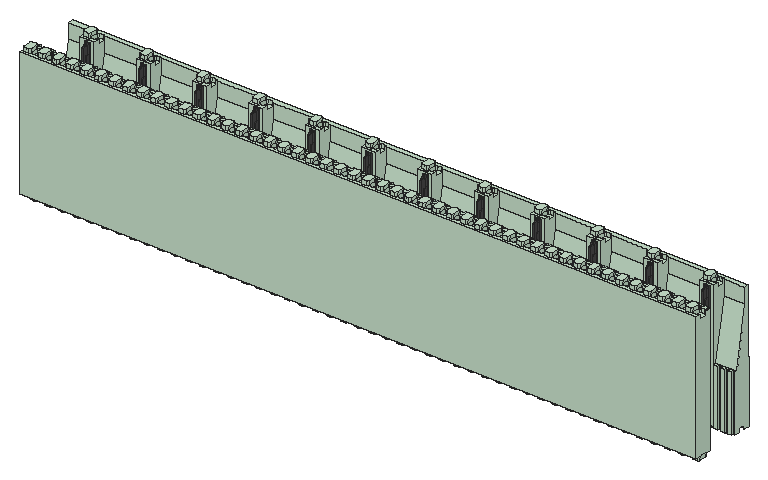
Revit family "ICF- NUDURA 4-inch Single Sided Taper Top Form Unit- Imperial", category Generic Models, Revit 2011
Parameters (values of type "Standard 6" Form Unit")
  Core Thickness = 0' - 6"
Reference planes (in)
  plane 1 "Center (Front/Back)": y = 1
  plane 2: z = 0
  plane 3 "Center (Left/Right)": x = 0
  plane 4: x = 96
  plane 5: y = 3
  plane 6: y = -1
  plane 7: y = 5.625
  plane 8: y = -3.625
  plane 9: z = 18
  plane 10: z = 18.5
  plane 11: z = -0.5
Forms (in)
  Extrusion 1, solid, material "NUDURA Expanded Polystyrene Foam Insulation"
    sketch origin (0, 2, 0) x (1, 0, 0) y (0, 1, 0)
      loop
        line (0.28117, -3.25) -> (0, -3.25) -> (0, -5.625) -> (96, -5.625) -> (96, -3.25) -> (95.71883, -3.25) -> (95.78117, -3) -> (95.21883, -3) -> (95.28117, -3.25) -> (94.71883, -3.25) -> (94.78117, -3) -> (94.21883, -3) -> (94.28117, -3.25) -> (93.71883, -3.25) -> (93.78117, -3) -> (93.21883, -3) -> (93.28117, -3.25) -> (90.71883, -3.25) -> (90.78117, -3) -> (90.21883, -3) -> (90.28117, -3.25) -> (89.71883, -3.25) -> (89.78117, -3) -> (89.21883, -3) -> (89.28117, -3.25) -> (88.71883, -3.25) -> (88.78117, -3) -> (88.21883, -3) -> (88.28117, -3.25) -> (87.71883, -3.25) -> (87.78117, -3) -> (87.21883, -3) -> (87.28117, -3.25) -> (86.71883, -3.25) -> (86.78117, -3) -> (86.21883, -3) -> (86.28117, -3.25) -> (85.71883, -3.25) -> (85.78117, -3) -> (85.21883, -3) -> (85.28117, -3.25) -> (82.71883, -3.25) -> (82.78117, -3) -> (82.21883, -3) -> (82.28117, -3.25) -> (81.71883, -3.25) -> (81.78117, -3) -> (81.21883, -3) -> (81.28117, -3.25) -> (80.71883, -3.25) -> (80.78117, -3) -> (80.21883, -3) -> (80.28117, -3.25) -> (79.71883, -3.25) -> (79.78117, -3) -> (79.21883, -3) -> (79.28117, -3.25) -> (78.71883, -3.25) -> (78.78117, -3) -> (78.21883, -3) -> (78.28117, -3.25) -> (77.71883, -3.25) -> (77.78117, -3) -> (77.21883, -3) -> (77.28117, -3.25) -> (74.71883, -3.25) -> (74.78117, -3) -> (74.21883, -3) -> (74.28117, -3.25) -> (73.71883, -3.25) -> (73.78117, -3) -> (73.21883, -3) -> (73.28117, -3.25) -> (72.71883, -3.25) -> (72.78117, -3) -> (72.21883, -3) -> (72.28117, -3.25) -> (71.71883, -3.25) -> (71.78117, -3) -> (71.21883, -3) -> (71.28117, -3.25) -> (70.71883, -3.25) -> (70.78117, -3) -> (70.21883, -3) -> (70.28117, -3.25) -> (69.71883, -3.25) -> (69.78117, -3) -> (69.21883, -3) -> (69.28117, -3.25) -> (66.71883, -3.25) -> (66.78117, -3) -> (66.21883, -3) -> (66.28117, -3.25) -> (65.71883, -3.25) -> (65.78117, -3) -> (65.21883, -3) -> (65.28117, -3.25) -> (64.71883, -3.25) -> (64.78117, -3) -> (64.21883, -3) -> (64.28117, -3.25) -> (63.71883, -3.25) -> (63.78117, -3) -> (63.21883, -3) -> (63.28117, -3.25) -> (62.71883, -3.25) -> (62.78117, -3) -> (62.21883, -3) -> (62.28117, -3.25) -> (61.71883, -3.25) -> (61.78117, -3) -> (61.21883, -3) -> (61.28117, -3.25) -> (58.71883, -3.25) -> (58.78117, -3) -> (58.21883, -3) -> (58.28117, -3.25) -> (57.71883, -3.25) -> (57.78117, -3) -> (57.21883, -3) -> (57.28117, -3.25) -> (56.71883, -3.25) -> (56.78117, -3) -> (56.21883, -3) -> (56.28117, -3.25) -> (55.71883, -3.25) -> (55.78117, -3) -> (55.21883, -3) -> (55.28117, -3.25) -> (54.71883, -3.25) -> (54.78117, -3) -> (54.21883, -3) -> (54.28117, -3.25) -> (53.71883, -3.25) -> (53.78117, -3) -> (53.21883, -3) -> (53.28117, -3.25) -> (50.71883, -3.25) -> (50.78117, -3) -> (50.21883, -3) -> (50.28117, -3.25) -> (49.71883, -3.25) -> (49.78117, -3) -> (49.21883, -3) -> (49.28117, -3.25) -> (48.71883, -3.25) -> (48.78117, -3) -> (48.21883, -3) -> (48.28117, -3.25) -> (47.71883, -3.25) -> (47.78117, -3) -> (47.21883, -3) -> (47.28117, -3.25) -> (46.71883, -3.25) -> (46.78117, -3) -> (46.21883, -3) -> (46.28117, -3.25) -> (45.71883, -3.25) -> (45.78117, -3) -> (45.21883, -3) -> (45.28117, -3.25) -> (42.71883, -3.25) -> (42.78117, -3) -> (42.21883, -3) -> (42.28117, -3.25) -> (41.71883, -3.25) -> (41.78117, -3) -> (41.21883, -3) -> (41.28117, -3.25) -> (40.71883, -3.25) -> (40.78117, -3) -> (40.21883, -3) -> (40.28117, -3.25) -> (39.71883, -3.25) -> (39.78117, -3) -> (39.21883, -3) -> (39.28117, -3.25) -> (38.71883, -3.25) -> (38.78117, -3) -> (38.21883, -3) -> (38.28117, -3.25) -> (37.71883, -3.25) -> (37.78117, -3) -> (37.21883, -3) -> (37.28117, -3.25) -> (34.71883, -3.25) -> (34.78117, -3) -> (34.21883, -3) -> (34.28117, -3.25) -> (33.71883, -3.25) -> (33.78117, -3) -> (33.21883, -3) -> (33.28117, -3.25) -> (32.71883, -3.25) -> (32.78117, -3) -> (32.21883, -3) -> (32.28117, -3.25) -> (31.71883, -3.25) -> (31.78117, -3) -> (31.21883, -3) -> (31.28117, -3.25) -> (30.71883, -3.25) -> (30.78117, -3) -> (30.21883, -3) -> (30.28117, -3.25) -> (29.71883, -3.25) -> (29.78117, -3) -> (29.21883, -3) -> (29.28117, -3.25) -> (26.71883, -3.25) -> (26.78117, -3) -> (26.21883, -3) -> (26.28117, -3.25) -> (25.71883, -3.25) -> (25.78117, -3) -> (25.21883, -3) -> (25.28117, -3.25) -> (24.71883, -3.25) -> (24.78117, -3) -> (24.21883, -3) -> (24.28117, -3.25) -> (23.71883, -3.25) -> (23.78117, -3) -> (23.21883, -3) -> (23.28117, -3.25) -> (22.71883, -3.25) -> (22.78117, -3) -> (22.21883, -3) -> (22.28117, -3.25) -> (21.71883, -3.25) -> (21.78117, -3) -> (21.21883, -3) -> (21.28117, -3.25) -> (18.71883, -3.25) -> (18.78117, -3) -> (18.21883, -3) -> (18.28117, -3.25) -> (17.71883, -3.25) -> (17.78117, -3) -> (17.21883, -3) -> (17.28117, -3.25) -> (16.71883, -3.25) -> (16.78117, -3) -> (16.21883, -3) -> (16.28117, -3.25) -> (15.71883, -3.25) -> (15.78117, -3) -> (15.21883, -3) -> (15.28117, -3.25) -> (14.71883, -3.25) -> (14.78117, -3) -> (14.21883, -3) -> (14.28117, -3.25) -> (13.71883, -3.25) -> (13.78117, -3) -> (13.21883, -3) -> (13.28117, -3.25) -> (10.71883, -3.25) -> (10.78117, -3) -> (10.21883, -3) -> (10.28117, -3.25) -> (9.71883, -3.25) -> (9.78117, -3) -> (9.21883, -3) -> (9.28117, -3.25) -> (8.71883, -3.25) -> (8.78117, -3) -> (8.21883, -3) -> (8.28117, -3.25) -> (7.71883, -3.25) -> (7.78117, -3) -> (7.21883, -3) -> (7.28117, -3.25) -> (6.71883, -3.25) -> (6.78117, -3) -> (6.21883, -3) -> (6.28117, -3.25) -> (5.71883, -3.25) -> (5.78117, -3) -> (5.21883, -3) -> (5.28117, -3.25) -> (2.71883, -3.25) -> (2.78117, -3) -> (2.21883, -3) -> (2.28117, -3.25) -> (1.71883, -3.25) -> (1.78117, -3) -> (1.21883, -3) -> (1.28117, -3.25) -> (0.71883, -3.25) -> (0.78117, -3) -> (0.21883, -3) -> (0.28117, -3.25)
    from 0 to 18
  Extrusion 2, void
    sketch origin (0, 2, 0) x (1, 0, 0) y (0, 1, 0)
      loop
        arc (1, -4.89808) -> (1.04785, -5.04517) -> (1.17308, -5.13595) r 0.25
        arc (1.17308, -5.13595) -> (1.5, -5.1875) -> (1.82692, -5.13595) r 1.0625
        arc (1.82692, -5.13595) -> (1.95215, -5.04517) -> (2, -4.89808) r 0.25
        line (2, -4.89808) -> (2, -3.97692)
        arc (2, -3.97692) -> (1.98276, -3.88568) -> (1.9334, -3.80702) r 0.25
        arc (1.9334, -3.80702) -> (1.92106, -3.78736) -> (1.91675, -3.76455) r 0.0625
        line (1.91675, -3.76455) -> (1.91675, -3.41845) -> (1.74592, -3.41845) -> (1.74592, -3.64005)
        arc (1.74592, -3.64005) -> (1.72385, -3.68771) -> (1.67323, -3.70172) r 0.0625
        arc (1.67323, -3.70172) -> (1.42092, -3.69045) -> (1.17308, -3.73905) r 1.0625
        arc (1.17308, -3.73905) -> (1.04785, -3.82983) -> (1, -3.97692) r 0.25
        line (1, -3.97692) -> (1, -4.89808)
    from 18 to 17.5
  Extrusion 3, void
    sketch origin (2, 2, 0) x (1, 0, 0) y (0, 1, 0)
      loop
        arc (1, -4.89808) -> (1.04785, -5.04517) -> (1.17308, -5.13595) r 0.25
        arc (1.17308, -5.13595) -> (1.5, -5.1875) -> (1.82692, -5.13595) r 1.0625
        arc (1.82692, -5.13595) -> (1.95215, -5.04517) -> (2, -4.89808) r 0.25
        line (2, -4.89808) -> (2, -3.97692)
        arc (2, -3.97692) -> (1.98276, -3.88568) -> (1.9334, -3.80702) r 0.25
        arc (1.9334, -3.80702) -> (1.92106, -3.78736) -> (1.91675, -3.76455) r 0.0625
        line (1.91675, -3.76455) -> (1.91675, -3.41845) -> (1.74592, -3.41845) -> (1.74592, -3.64005)
        arc (1.74592, -3.64005) -> (1.72385, -3.68771) -> (1.67323, -3.70172) r 0.0625
        arc (1.67323, -3.70172) -> (1.42092, -3.69045) -> (1.17308, -3.73905) r 1.0625
        arc (1.17308, -3.73905) -> (1.04785, -3.82983) -> (1, -3.97692) r 0.25
        line (1, -3.97692) -> (1, -4.89808)
    from 18 to 17.5
  Extrusion 4, void
    sketch origin (4, 2, 0) x (1, 0, 0) y (0, 1, 0)
      loop
        arc (1, -4.89808) -> (1.04785, -5.04517) -> (1.17308, -5.13595) r 0.25
        arc (1.17308, -5.13595) -> (1.5, -5.1875) -> (1.82692, -5.13595) r 1.0625
        arc (1.82692, -5.13595) -> (1.95215, -5.04517) -> (2, -4.89808) r 0.25
        line (2, -4.89808) -> (2, -3.97692)
        arc (2, -3.97692) -> (1.98276, -3.88568) -> (1.9334, -3.80702) r 0.25
        arc (1.9334, -3.80702) -> (1.92106, -3.78736) -> (1.91675, -3.76455) r 0.0625
        line (1.91675, -3.76455) -> (1.91675, -3.41845) -> (1.74592, -3.41845) -> (1.74592, -3.64005)
        arc (1.74592, -3.64005) -> (1.72385, -3.68771) -> (1.67323, -3.70172) r 0.0625
        arc (1.67323, -3.70172) -> (1.42092, -3.69045) -> (1.17308, -3.73905) r 1.0625
        arc (1.17308, -3.73905) -> (1.04785, -3.82983) -> (1, -3.97692) r 0.25
        line (1, -3.97692) -> (1, -4.89808)
    from 18 to 17.5
  Extrusion 5, void
    sketch origin (6, 2, 0) x (1, 0, 0) y (0, 1, 0)
      loop
        arc (1, -4.89808) -> (1.04785, -5.04517) -> (1.17308, -5.13595) r 0.25
        arc (1.17308, -5.13595) -> (1.5, -5.1875) -> (1.82692, -5.13595) r 1.0625
        arc (1.82692, -5.13595) -> (1.95215, -5.04517) -> (2, -4.89808) r 0.25
        line (2, -4.89808) -> (2, -3.97692)
        arc (2, -3.97692) -> (1.98276, -3.88568) -> (1.9334, -3.80702) r 0.25
        arc (1.9334, -3.80702) -> (1.92106, -3.78736) -> (1.91675, -3.76455) r 0.0625
        line (1.91675, -3.76455) -> (1.91675, -3.41845) -> (1.74592, -3.41845) -> (1.74592, -3.64005)
        arc (1.74592, -3.64005) -> (1.72385, -3.68771) -> (1.67323, -3.70172) r 0.0625
        arc (1.67323, -3.70172) -> (1.42092, -3.69045) -> (1.17308, -3.73905) r 1.0625
        arc (1.17308, -3.73905) -> (1.04785, -3.82983) -> (1, -3.97692) r 0.25
        line (1, -3.97692) -> (1, -4.89808)
    from 18 to 17.5
  Extrusion 6, void
    sketch origin (8, 2, 0) x (1, 0, 0) y (0, 1, 0)
      loop
        arc (1, -4.89808) -> (1.04785, -5.04517) -> (1.17308, -5.13595) r 0.25
        arc (1.17308, -5.13595) -> (1.5, -5.1875) -> (1.82692, -5.13595) r 1.0625
        arc (1.82692, -5.13595) -> (1.95215, -5.04517) -> (2, -4.89808) r 0.25
        line (2, -4.89808) -> (2, -3.97692)
        arc (2, -3.97692) -> (1.98276, -3.88568) -> (1.9334, -3.80702) r 0.25
        arc (1.9334, -3.80702) -> (1.92106, -3.78736) -> (1.91675, -3.76455) r 0.0625
        line (1.91675, -3.76455) -> (1.91675, -3.41845) -> (1.74592, -3.41845) -> (1.74592, -3.64005)
        arc (1.74592, -3.64005) -> (1.72385, -3.68771) -> (1.67323, -3.70172) r 0.0625
        arc (1.67323, -3.70172) -> (1.42092, -3.69045) -> (1.17308, -3.73905) r 1.0625
        arc (1.17308, -3.73905) -> (1.04785, -3.82983) -> (1, -3.97692) r 0.25
        line (1, -3.97692) -> (1, -4.89808)
    from 18 to 17.5
  Extrusion 7, void
    sketch origin (10, 2, 0) x (1, 0, 0) y (0, 1, 0)
      loop
        arc (1, -4.89808) -> (1.04785, -5.04517) -> (1.17308, -5.13595) r 0.25
        arc (1.17308, -5.13595) -> (1.5, -5.1875) -> (1.82692, -5.13595) r 1.0625
        arc (1.82692, -5.13595) -> (1.95215, -5.04517) -> (2, -4.89808) r 0.25
        line (2, -4.89808) -> (2, -3.97692)
        arc (2, -3.97692) -> (1.98276, -3.88568) -> (1.9334, -3.80702) r 0.25
        arc (1.9334, -3.80702) -> (1.92106, -3.78736) -> (1.91675, -3.76455) r 0.0625
        line (1.91675, -3.76455) -> (1.91675, -3.41845) -> (1.74592, -3.41845) -> (1.74592, -3.64005)
        arc (1.74592, -3.64005) -> (1.72385, -3.68771) -> (1.67323, -3.70172) r 0.0625
        arc (1.67323, -3.70172) -> (1.42092, -3.69045) -> (1.17308, -3.73905) r 1.0625
        arc (1.17308, -3.73905) -> (1.04785, -3.82983) -> (1, -3.97692) r 0.25
        line (1, -3.97692) -> (1, -4.89808)
    from 18 to 17.5
  Extrusion 8, void
    sketch origin (12, 2, 0) x (1, 0, 0) y (0, 1, 0)
      loop
        arc (1, -4.89808) -> (1.04785, -5.04517) -> (1.17308, -5.13595) r 0.25
        arc (1.17308, -5.13595) -> (1.5, -5.1875) -> (1.82692, -5.13595) r 1.0625
        arc (1.82692, -5.13595) -> (1.95215, -5.04517) -> (2, -4.89808) r 0.25
        line (2, -4.89808) -> (2, -3.97692)
        arc (2, -3.97692) -> (1.98276, -3.88568) -> (1.9334, -3.80702) r 0.25
        arc (1.9334, -3.80702) -> (1.92106, -3.78736) -> (1.91675, -3.76455) r 0.0625
        line (1.91675, -3.76455) -> (1.91675, -3.41845) -> (1.74592, -3.41845) -> (1.74592, -3.64005)
        arc (1.74592, -3.64005) -> (1.72385, -3.68771) -> (1.67323, -3.70172) r 0.0625
        arc (1.67323, -3.70172) -> (1.42092, -3.69045) -> (1.17308, -3.73905) r 1.0625
        arc (1.17308, -3.73905) -> (1.04785, -3.82983) -> (1, -3.97692) r 0.25
        line (1, -3.97692) -> (1, -4.89808)
    from 18 to 17.5
  Extrusion 9, void
    sketch origin (14, 2, 0) x (1, 0, 0) y (0, 1, 0)
      loop
        arc (1, -4.89808) -> (1.04785, -5.04517) -> (1.17308, -5.13595) r 0.25
        arc (1.17308, -5.13595) -> (1.5, -5.1875) -> (1.82692, -5.13595) r 1.0625
        arc (1.82692, -5.13595) -> (1.95215, -5.04517) -> (2, -4.89808) r 0.25
        line (2, -4.89808) -> (2, -3.97692)
        arc (2, -3.97692) -> (1.98276, -3.88568) -> (1.9334, -3.80702) r 0.25
        arc (1.9334, -3.80702) -> (1.92106, -3.78736) -> (1.91675, -3.76455) r 0.0625
        line (1.91675, -3.76455) -> (1.91675, -3.41845) -> (1.74592, -3.41845) -> (1.74592, -3.64005)
        arc (1.74592, -3.64005) -> (1.72385, -3.68771) -> (1.67323, -3.70172) r 0.0625
        arc (1.67323, -3.70172) -> (1.42092, -3.69045) -> (1.17308, -3.73905) r 1.0625
        arc (1.17308, -3.73905) -> (1.04785, -3.82983) -> (1, -3.97692) r 0.25
        line (1, -3.97692) -> (1, -4.89808)
    from 18 to 17.5
  Extrusion 10, void
    sketch origin (16, 2, 0) x (1, 0, 0) y (0, 1, 0)
      loop
        arc (1, -4.89808) -> (1.04785, -5.04517) -> (1.17308, -5.13595) r 0.25
        arc (1.17308, -5.13595) -> (1.5, -5.1875) -> (1.82692, -5.13595) r 1.0625
        arc (1.82692, -5.13595) -> (1.95215, -5.04517) -> (2, -4.89808) r 0.25
        line (2, -4.89808) -> (2, -3.97692)
        arc (2, -3.97692) -> (1.98276, -3.88568) -> (1.9334, -3.80702) r 0.25
        arc (1.9334, -3.80702) -> (1.92106, -3.78736) -> (1.91675, -3.76455) r 0.0625
        line (1.91675, -3.76455) -> (1.91675, -3.41845) -> (1.74592, -3.41845) -> (1.74592, -3.64005)
        arc (1.74592, -3.64005) -> (1.72385, -3.68771) -> (1.67323, -3.70172) r 0.0625
        arc (1.67323, -3.70172) -> (1.42092, -3.69045) -> (1.17308, -3.73905) r 1.0625
        arc (1.17308, -3.73905) -> (1.04785, -3.82983) -> (1, -3.97692) r 0.25
        line (1, -3.97692) -> (1, -4.89808)
    from 18 to 17.5
  Extrusion 11, void
    sketch origin (18, 2, 0) x (1, 0, 0) y (0, 1, 0)
      loop
        arc (1, -4.89808) -> (1.04785, -5.04517) -> (1.17308, -5.13595) r 0.25
        arc (1.17308, -5.13595) -> (1.5, -5.1875) -> (1.82692, -5.13595) r 1.0625
        arc (1.82692, -5.13595) -> (1.95215, -5.04517) -> (2, -4.89808) r 0.25
        line (2, -4.89808) -> (2, -3.97692)
        arc (2, -3.97692) -> (1.98276, -3.88568) -> (1.9334, -3.80702) r 0.25
        arc (1.9334, -3.80702) -> (1.92106, -3.78736) -> (1.91675, -3.76455) r 0.0625
        line (1.91675, -3.76455) -> (1.91675, -3.41845) -> (1.74592, -3.41845) -> (1.74592, -3.64005)
        arc (1.74592, -3.64005) -> (1.72385, -3.68771) -> (1.67323, -3.70172) r 0.0625
        arc (1.67323, -3.70172) -> (1.42092, -3.69045) -> (1.17308, -3.73905) r 1.0625
        arc (1.17308, -3.73905) -> (1.04785, -3.82983) -> (1, -3.97692) r 0.25
        line (1, -3.97692) -> (1, -4.89808)
    from 18 to 17.5
  Extrusion 12, void
    sketch origin (20, 2, 0) x (1, 0, 0) y (0, 1, 0)
      loop
        arc (1, -4.89808) -> (1.04785, -5.04517) -> (1.17308, -5.13595) r 0.25
        arc (1.17308, -5.13595) -> (1.5, -5.1875) -> (1.82692, -5.13595) r 1.0625
        arc (1.82692, -5.13595) -> (1.95215, -5.04517) -> (2, -4.89808) r 0.25
        line (2, -4.89808) -> (2, -3.97692)
        arc (2, -3.97692) -> (1.98276, -3.88568) -> (1.9334, -3.80702) r 0.25
        arc (1.9334, -3.80702) -> (1.92106, -3.78736) -> (1.91675, -3.76455) r 0.0625
        line (1.91675, -3.76455) -> (1.91675, -3.41845) -> (1.74592, -3.41845) -> (1.74592, -3.64005)
        arc (1.74592, -3.64005) -> (1.72385, -3.68771) -> (1.67323, -3.70172) r 0.0625
        arc (1.67323, -3.70172) -> (1.42092, -3.69045) -> (1.17308, -3.73905) r 1.0625
        arc (1.17308, -3.73905) -> (1.04785, -3.82983) -> (1, -3.97692) r 0.25
        line (1, -3.97692) -> (1, -4.89808)
    from 18 to 17.5
  Extrusion 13, void
    sketch origin (22, 2, 0) x (1, 0, 0) y (0, 1, 0)
      loop
        arc (1, -4.89808) -> (1.04785, -5.04517) -> (1.17308, -5.13595) r 0.25
        arc (1.17308, -5.13595) -> (1.5, -5.1875) -> (1.82692, -5.13595) r 1.0625
        arc (1.82692, -5.13595) -> (1.95215, -5.04517) -> (2, -4.89808) r 0.25
        line (2, -4.89808) -> (2, -3.97692)
        arc (2, -3.97692) -> (1.98276, -3.88568) -> (1.9334, -3.80702) r 0.25
        arc (1.9334, -3.80702) -> (1.92106, -3.78736) -> (1.91675, -3.76455) r 0.0625
        line (1.91675, -3.76455) -> (1.91675, -3.41845) -> (1.74592, -3.41845) -> (1.74592, -3.64005)
        arc (1.74592, -3.64005) -> (1.72385, -3.68771) -> (1.67323, -3.70172) r 0.0625
        arc (1.67323, -3.70172) -> (1.42092, -3.69045) -> (1.17308, -3.73905) r 1.0625
        arc (1.17308, -3.73905) -> (1.04785, -3.82983) -> (1, -3.97692) r 0.25
        line (1, -3.97692) -> (1, -4.89808)
    from 18 to 17.5
  Extrusion 14, void
    sketch origin (24, 2, 0) x (1, 0, 0) y (0, 1, 0)
      loop
        arc (1, -4.89808) -> (1.04785, -5.04517) -> (1.17308, -5.13595) r 0.25
        arc (1.17308, -5.13595) -> (1.5, -5.1875) -> (1.82692, -5.13595) r 1.0625
        arc (1.82692, -5.13595) -> (1.95215, -5.04517) -> (2, -4.89808) r 0.25
        line (2, -4.89808) -> (2, -3.97692)
        arc (2, -3.97692) -> (1.98276, -3.88568) -> (1.9334, -3.80702) r 0.25
        arc (1.9334, -3.80702) -> (1.92106, -3.78736) -> (1.91675, -3.76455) r 0.0625
        line (1.91675, -3.76455) -> (1.91675, -3.41845) -> (1.74592, -3.41845) -> (1.74592, -3.64005)
        arc (1.74592, -3.64005) -> (1.72385, -3.68771) -> (1.67323, -3.70172) r 0.0625
        arc (1.67323, -3.70172) -> (1.42092, -3.69045) -> (1.17308, -3.73905) r 1.0625
        arc (1.17308, -3.73905) -> (1.04785, -3.82983) -> (1, -3.97692) r 0.25
        line (1, -3.97692) -> (1, -4.89808)
    from 18 to 17.5
  Extrusion 15, void
    sketch origin (26, 2, 0) x (1, 0, 0) y (0, 1, 0)
      loop
        arc (1, -4.89808) -> (1.04785, -5.04517) -> (1.17308, -5.13595) r 0.25
        arc (1.17308, -5.13595) -> (1.5, -5.1875) -> (1.82692, -5.13595) r 1.0625
        arc (1.82692, -5.13595) -> (1.95215, -5.04517) -> (2, -4.89808) r 0.25
        line (2, -4.89808) -> (2, -3.97692)
        arc (2, -3.97692) -> (1.98276, -3.88568) -> (1.9334, -3.80702) r 0.25
        arc (1.9334, -3.80702) -> (1.92106, -3.78736) -> (1.91675, -3.76455) r 0.0625
        line (1.91675, -3.76455) -> (1.91675, -3.41845) -> (1.74592, -3.41845) -> (1.74592, -3.64005)
        arc (1.74592, -3.64005) -> (1.72385, -3.68771) -> (1.67323, -3.70172) r 0.0625
        arc (1.67323, -3.70172) -> (1.42092, -3.69045) -> (1.17308, -3.73905) r 1.0625
        arc (1.17308, -3.73905) -> (1.04785, -3.82983) -> (1, -3.97692) r 0.25
        line (1, -3.97692) -> (1, -4.89808)
    from 18 to 17.5
  Extrusion 16, void
    sketch origin (28, 2, 0) x (1, 0, 0) y (0, 1, 0)
      loop
        arc (1, -4.89808) -> (1.04785, -5.04517) -> (1.17308, -5.13595) r 0.25
        arc (1.17308, -5.13595) -> (1.5, -5.1875) -> (1.82692, -5.13595) r 1.0625
        arc (1.82692, -5.13595) -> (1.95215, -5.04517) -> (2, -4.89808) r 0.25
        line (2, -4.89808) -> (2, -3.97692)
        arc (2, -3.97692) -> (1.98276, -3.88568) -> (1.9334, -3.80702) r 0.25
        arc (1.9334, -3.80702) -> (1.92106, -3.78736) -> (1.91675, -3.76455) r 0.0625
        line (1.91675, -3.76455) -> (1.91675, -3.41845) -> (1.74592, -3.41845) -> (1.74592, -3.64005)
        arc (1.74592, -3.64005) -> (1.72385, -3.68771) -> (1.67323, -3.70172) r 0.0625
        arc (1.67323, -3.70172) -> (1.42092, -3.69045) -> (1.17308, -3.73905) r 1.0625
        arc (1.17308, -3.73905) -> (1.04785, -3.82983) -> (1, -3.97692) r 0.25
        line (1, -3.97692) -> (1, -4.89808)
    from 18 to 17.5
  Extrusion 17, void
    sketch origin (30, 2, 0) x (1, 0, 0) y (0, 1, 0)
      loop
        arc (1, -4.89808) -> (1.04785, -5.04517) -> (1.17308, -5.13595) r 0.25
        arc (1.17308, -5.13595) -> (1.5, -5.1875) -> (1.82692, -5.13595) r 1.0625
        arc (1.82692, -5.13595) -> (1.95215, -5.04517) -> (2, -4.89808) r 0.25
        line (2, -4.89808) -> (2, -3.97692)
        arc (2, -3.97692) -> (1.98276, -3.88568) -> (1.9334, -3.80702) r 0.25
        arc (1.9334, -3.80702) -> (1.92106, -3.78736) -> (1.91675, -3.76455) r 0.0625
        line (1.91675, -3.76455) -> (1.91675, -3.41845) -> (1.74592, -3.41845) -> (1.74592, -3.64005)
        arc (1.74592, -3.64005) -> (1.72385, -3.68771) -> (1.67323, -3.70172) r 0.0625
        arc (1.67323, -3.70172) -> (1.42092, -3.69045) -> (1.17308, -3.73905) r 1.0625
        arc (1.17308, -3.73905) -> (1.04785, -3.82983) -> (1, -3.97692) r 0.25
        line (1, -3.97692) -> (1, -4.89808)
    from 18 to 17.5
  Extrusion 18, void
    sketch origin (32, 2, 0) x (1, 0, 0) y (0, 1, 0)
      loop
        arc (1, -4.89808) -> (1.04785, -5.04517) -> (1.17308, -5.13595) r 0.25
        arc (1.17308, -5.13595) -> (1.5, -5.1875) -> (1.82692, -5.13595) r 1.0625
        arc (1.82692, -5.13595) -> (1.95215, -5.04517) -> (2, -4.89808) r 0.25
        line (2, -4.89808) -> (2, -3.97692)
        arc (2, -3.97692) -> (1.98276, -3.88568) -> (1.9334, -3.80702) r 0.25
        arc (1.9334, -3.80702) -> (1.92106, -3.78736) -> (1.91675, -3.76455) r 0.0625
        line (1.91675, -3.76455) -> (1.91675, -3.41845) -> (1.74592, -3.41845) -> (1.74592, -3.64005)
        arc (1.74592, -3.64005) -> (1.72385, -3.68771) -> (1.67323, -3.70172) r 0.0625
        arc (1.67323, -3.70172) -> (1.42092, -3.69045) -> (1.17308, -3.73905) r 1.0625
        arc (1.17308, -3.73905) -> (1.04785, -3.82983) -> (1, -3.97692) r 0.25
        line (1, -3.97692) -> (1, -4.89808)
    from 18 to 17.5
  Extrusion 19, void
    sketch origin (34, 2, 0) x (1, 0, 0) y (0, 1, 0)
      loop
        arc (1, -4.89808) -> (1.04785, -5.04517) -> (1.17308, -5.13595) r 0.25
        arc (1.17308, -5.13595) -> (1.5, -5.1875) -> (1.82692, -5.13595) r 1.0625
        arc (1.82692, -5.13595) -> (1.95215, -5.04517) -> (2, -4.89808) r 0.25
        line (2, -4.89808) -> (2, -3.97692)
        arc (2, -3.97692) -> (1.98276, -3.88568) -> (1.9334, -3.80702) r 0.25
        arc (1.9334, -3.80702) -> (1.92106, -3.78736) -> (1.91675, -3.76455) r 0.0625
        line (1.91675, -3.76455) -> (1.91675, -3.41845) -> (1.74592, -3.41845) -> (1.74592, -3.64005)
        arc (1.74592, -3.64005) -> (1.72385, -3.68771) -> (1.67323, -3.70172) r 0.0625
        arc (1.67323, -3.70172) -> (1.42092, -3.69045) -> (1.17308, -3.73905) r 1.0625
        arc (1.17308, -3.73905) -> (1.04785, -3.82983) -> (1, -3.97692) r 0.25
        line (1, -3.97692) -> (1, -4.89808)
    from 18 to 17.5
  Extrusion 20, void
    sketch origin (36, 2, 0) x (1, 0, 0) y (0, 1, 0)
      loop
        arc (1, -4.89808) -> (1.04785, -5.04517) -> (1.17308, -5.13595) r 0.25
        arc (1.17308, -5.13595) -> (1.5, -5.1875) -> (1.82692, -5.13595) r 1.0625
        arc (1.82692, -5.13595) -> (1.95215, -5.04517) -> (2, -4.89808) r 0.25
        line (2, -4.89808) -> (2, -3.97692)
        arc (2, -3.97692) -> (1.98276, -3.88568) -> (1.9334, -3.80702) r 0.25
        arc (1.9334, -3.80702) -> (1.92106, -3.78736) -> (1.91675, -3.76455) r 0.0625
        line (1.91675, -3.76455) -> (1.91675, -3.41845) -> (1.74592, -3.41845) -> (1.74592, -3.64005)
        arc (1.74592, -3.64005) -> (1.72385, -3.68771) -> (1.67323, -3.70172) r 0.0625
        arc (1.67323, -3.70172) -> (1.42092, -3.69045) -> (1.17308, -3.73905) r 1.0625
        arc (1.17308, -3.73905) -> (1.04785, -3.82983) -> (1, -3.97692) r 0.25
        line (1, -3.97692) -> (1, -4.89808)
    from 18 to 17.5
  Extrusion 21, void
    sketch origin (38, 2, 0) x (1, 0, 0) y (0, 1, 0)
      loop
        arc (1, -4.89808) -> (1.04785, -5.04517) -> (1.17308, -5.13595) r 0.25
        arc (1.17308, -5.13595) -> (1.5, -5.1875) -> (1.82692, -5.13595) r 1.0625
        arc (1.82692, -5.13595) -> (1.95215, -5.04517) -> (2, -4.89808) r 0.25
        line (2, -4.89808) -> (2, -3.97692)
        arc (2, -3.97692) -> (1.98276, -3.88568) -> (1.9334, -3.80702) r 0.25
        arc (1.9334, -3.80702) -> (1.92106, -3.78736) -> (1.91675, -3.76455) r 0.0625
        line (1.91675, -3.76455) -> (1.91675, -3.41845) -> (1.74592, -3.41845) -> (1.74592, -3.64005)
        arc (1.74592, -3.64005) -> (1.72385, -3.68771) -> (1.67323, -3.70172) r 0.0625
        arc (1.67323, -3.70172) -> (1.42092, -3.69045) -> (1.17308, -3.73905) r 1.0625
        arc (1.17308, -3.73905) -> (1.04785, -3.82983) -> (1, -3.97692) r 0.25
        line (1, -3.97692) -> (1, -4.89808)
    from 18 to 17.5
  Extrusion 22, void
    sketch origin (40, 2, 0) x (1, 0, 0) y (0, 1, 0)
      loop
        arc (1, -4.89808) -> (1.04785, -5.04517) -> (1.17308, -5.13595) r 0.25
        arc (1.17308, -5.13595) -> (1.5, -5.1875) -> (1.82692, -5.13595) r 1.0625
        arc (1.82692, -5.13595) -> (1.95215, -5.04517) -> (2, -4.89808) r 0.25
        line (2, -4.89808) -> (2, -3.97692)
        arc (2, -3.97692) -> (1.98276, -3.88568) -> (1.9334, -3.80702) r 0.25
        arc (1.9334, -3.80702) -> (1.92106, -3.78736) -> (1.91675, -3.76455) r 0.0625
        line (1.91675, -3.76455) -> (1.91675, -3.41845) -> (1.74592, -3.41845) -> (1.74592, -3.64005)
        arc (1.74592, -3.64005) -> (1.72385, -3.68771) -> (1.67323, -3.70172) r 0.0625
        arc (1.67323, -3.70172) -> (1.42092, -3.69045) -> (1.17308, -3.73905) r 1.0625
        arc (1.17308, -3.73905) -> (1.04785, -3.82983) -> (1, -3.97692) r 0.25
        line (1, -3.97692) -> (1, -4.89808)
    from 18 to 17.5
  Extrusion 23, void
    sketch origin (42, 2, 0) x (1, 0, 0) y (0, 1, 0)
      loop
        arc (1, -4.89808) -> (1.04785, -5.04517) -> (1.17308, -5.13595) r 0.25
        arc (1.17308, -5.13595) -> (1.5, -5.1875) -> (1.82692, -5.13595) r 1.0625
        arc (1.82692, -5.13595) -> (1.95215, -5.04517) -> (2, -4.89808) r 0.25
        line (2, -4.89808) -> (2, -3.97692)
        arc (2, -3.97692) -> (1.98276, -3.88568) -> (1.9334, -3.80702) r 0.25
        arc (1.9334, -3.80702) -> (1.92106, -3.78736) -> (1.91675, -3.76455) r 0.0625
        line (1.91675, -3.76455) -> (1.91675, -3.41845) -> (1.74592, -3.41845) -> (1.74592, -3.64005)
        arc (1.74592, -3.64005) -> (1.72385, -3.68771) -> (1.67323, -3.70172) r 0.0625
        arc (1.67323, -3.70172) -> (1.42092, -3.69045) -> (1.17308, -3.73905) r 1.0625
        arc (1.17308, -3.73905) -> (1.04785, -3.82983) -> (1, -3.97692) r 0.25
        line (1, -3.97692) -> (1, -4.89808)
    from 18 to 17.5
  Extrusion 24, void
    sketch origin (44, 2, 0) x (1, 0, 0) y (0, 1, 0)
      loop
        arc (1, -4.89808) -> (1.04785, -5.04517) -> (1.17308, -5.13595) r 0.25
        arc (1.17308, -5.13595) -> (1.5, -5.1875) -> (1.82692, -5.13595) r 1.0625
        arc (1.82692, -5.13595) -> (1.95215, -5.04517) -> (2, -4.89808) r 0.25
        line (2, -4.89808) -> (2, -3.97692)
        arc (2, -3.97692) -> (1.98276, -3.88568) -> (1.9334, -3.80702) r 0.25
        arc (1.9334, -3.80702) -> (1.92106, -3.78736) -> (1.91675, -3.76455) r 0.0625
        line (1.91675, -3.76455) -> (1.91675, -3.41845) -> (1.74592, -3.41845) -> (1.74592, -3.64005)
        arc (1.74592, -3.64005) -> (1.72385, -3.68771) -> (1.67323, -3.70172) r 0.0625
        arc (1.67323, -3.70172) -> (1.42092, -3.69045) -> (1.17308, -3.73905) r 1.0625
        arc (1.17308, -3.73905) -> (1.04785, -3.82983) -> (1, -3.97692) r 0.25
        line (1, -3.97692) -> (1, -4.89808)
    from 18 to 17.5
  Extrusion 25, void
    sketch origin (46, 2, 0) x (1, 0, 0) y (0, 1, 0)
      loop
        arc (1, -4.89808) -> (1.04785, -5.04517) -> (1.17308, -5.13595) r 0.25
        arc (1.17308, -5.13595) -> (1.5, -5.1875) -> (1.82692, -5.13595) r 1.0625
        arc (1.82692, -5.13595) -> (1.95215, -5.04517) -> (2, -4.89808) r 0.25
        line (2, -4.89808) -> (2, -3.97692)
        arc (2, -3.97692) -> (1.98276, -3.88568) -> (1.9334, -3.80702) r 0.25
        arc (1.9334, -3.80702) -> (1.92106, -3.78736) -> (1.91675, -3.76455) r 0.0625
        line (1.91675, -3.76455) -> (1.91675, -3.41845) -> (1.74592, -3.41845) -> (1.74592, -3.64005)
        arc (1.74592, -3.64005) -> (1.72385, -3.68771) -> (1.67323, -3.70172) r 0.0625
        arc (1.67323, -3.70172) -> (1.42092, -3.69045) -> (1.17308, -3.73905) r 1.0625
        arc (1.17308, -3.73905) -> (1.04785, -3.82983) -> (1, -3.97692) r 0.25
        line (1, -3.97692) -> (1, -4.89808)
    from 18 to 17.5
  Extrusion 26, void
    sketch origin (48, 2, 0) x (1, 0, 0) y (0, 1, 0)
      loop
        arc (1, -4.89808) -> (1.04785, -5.04517) -> (1.17308, -5.13595) r 0.25
        arc (1.17308, -5.13595) -> (1.5, -5.1875) -> (1.82692, -5.13595) r 1.0625
        arc (1.82692, -5.13595) -> (1.95215, -5.04517) -> (2, -4.89808) r 0.25
        line (2, -4.89808) -> (2, -3.97692)
        arc (2, -3.97692) -> (1.98276, -3.88568) -> (1.9334, -3.80702) r 0.25
        arc (1.9334, -3.80702) -> (1.92106, -3.78736) -> (1.91675, -3.76455) r 0.0625
        line (1.91675, -3.76455) -> (1.91675, -3.41845) -> (1.74592, -3.41845) -> (1.74592, -3.64005)
        arc (1.74592, -3.64005) -> (1.72385, -3.68771) -> (1.67323, -3.70172) r 0.0625
        arc (1.67323, -3.70172) -> (1.42092, -3.69045) -> (1.17308, -3.73905) r 1.0625
        arc (1.17308, -3.73905) -> (1.04785, -3.82983) -> (1, -3.97692) r 0.25
        line (1, -3.97692) -> (1, -4.89808)
    from 18 to 17.5
  Extrusion 27, void
    sketch origin (50, 2, 0) x (1, 0, 0) y (0, 1, 0)
      loop
        arc (1, -4.89808) -> (1.04785, -5.04517) -> (1.17308, -5.13595) r 0.25
        arc (1.17308, -5.13595) -> (1.5, -5.1875) -> (1.82692, -5.13595) r 1.0625
        arc (1.82692, -5.13595) -> (1.95215, -5.04517) -> (2, -4.89808) r 0.25
        line (2, -4.89808) -> (2, -3.97692)
        arc (2, -3.97692) -> (1.98276, -3.88568) -> (1.9334, -3.80702) r 0.25
        arc (1.9334, -3.80702) -> (1.92106, -3.78736) -> (1.91675, -3.76455) r 0.0625
        line (1.91675, -3.76455) -> (1.91675, -3.41845) -> (1.74592, -3.41845) -> (1.74592, -3.64005)
        arc (1.74592, -3.64005) -> (1.72385, -3.68771) -> (1.67323, -3.70172) r 0.0625
        arc (1.67323, -3.70172) -> (1.42092, -3.69045) -> (1.17308, -3.73905) r 1.0625
        arc (1.17308, -3.73905) -> (1.04785, -3.82983) -> (1, -3.97692) r 0.25
        line (1, -3.97692) -> (1, -4.89808)
    from 18 to 17.5
  Extrusion 28, void
    sketch origin (52, 2, 0) x (1, 0, 0) y (0, 1, 0)
      loop
        arc (1, -4.89808) -> (1.04785, -5.04517) -> (1.17308, -5.13595) r 0.25
        arc (1.17308, -5.13595) -> (1.5, -5.1875) -> (1.82692, -5.13595) r 1.0625
        arc (1.82692, -5.13595) -> (1.95215, -5.04517) -> (2, -4.89808) r 0.25
        line (2, -4.89808) -> (2, -3.97692)
        arc (2, -3.97692) -> (1.98276, -3.88568) -> (1.9334, -3.80702) r 0.25
        arc (1.9334, -3.80702) -> (1.92106, -3.78736) -> (1.91675, -3.76455) r 0.0625
        line (1.91675, -3.76455) -> (1.91675, -3.41845) -> (1.74592, -3.41845) -> (1.74592, -3.64005)
        arc (1.74592, -3.64005) -> (1.72385, -3.68771) -> (1.67323, -3.70172) r 0.0625
        arc (1.67323, -3.70172) -> (1.42092, -3.69045) -> (1.17308, -3.73905) r 1.0625
        arc (1.17308, -3.73905) -> (1.04785, -3.82983) -> (1, -3.97692) r 0.25
        line (1, -3.97692) -> (1, -4.89808)
    from 18 to 17.5
  Extrusion 29, void
    sketch origin (54, 2, 0) x (1, 0, 0) y (0, 1, 0)
      loop
        arc (1, -4.89808) -> (1.04785, -5.04517) -> (1.17308, -5.13595) r 0.25
        arc (1.17308, -5.13595) -> (1.5, -5.1875) -> (1.82692, -5.13595) r 1.0625
        arc (1.82692, -5.13595) -> (1.95215, -5.04517) -> (2, -4.89808) r 0.25
        line (2, -4.89808) -> (2, -3.97692)
        arc (2, -3.97692) -> (1.98276, -3.88568) -> (1.9334, -3.80702) r 0.25
        arc (1.9334, -3.80702) -> (1.92106, -3.78736) -> (1.91675, -3.76455) r 0.0625
        line (1.91675, -3.76455) -> (1.91675, -3.41845) -> (1.74592, -3.41845) -> (1.74592, -3.64005)
        arc (1.74592, -3.64005) -> (1.72385, -3.68771) -> (1.67323, -3.70172) r 0.0625
        arc (1.67323, -3.70172) -> (1.42092, -3.69045) -> (1.17308, -3.73905) r 1.0625
        arc (1.17308, -3.73905) -> (1.04785, -3.82983) -> (1, -3.97692) r 0.25
        line (1, -3.97692) -> (1, -4.89808)
    from 18 to 17.5
  Extrusion 30, void
    sketch origin (56, 2, 0) x (1, 0, 0) y (0, 1, 0)
      loop
        arc (1, -4.89808) -> (1.04785, -5.04517) -> (1.17308, -5.13595) r 0.25
        arc (1.17308, -5.13595) -> (1.5, -5.1875) -> (1.82692, -5.13595) r 1.0625
        arc (1.82692, -5.13595) -> (1.95215, -5.04517) -> (2, -4.89808) r 0.25
        line (2, -4.89808) -> (2, -3.97692)
        arc (2, -3.97692) -> (1.98276, -3.88568) -> (1.9334, -3.80702) r 0.25
        arc (1.9334, -3.80702) -> (1.92106, -3.78736) -> (1.91675, -3.76455) r 0.0625
        line (1.91675, -3.76455) -> (1.91675, -3.41845) -> (1.74592, -3.41845) -> (1.74592, -3.64005)
        arc (1.74592, -3.64005) -> (1.72385, -3.68771) -> (1.67323, -3.70172) r 0.0625
        arc (1.67323, -3.70172) -> (1.42092, -3.69045) -> (1.17308, -3.73905) r 1.0625
        arc (1.17308, -3.73905) -> (1.04785, -3.82983) -> (1, -3.97692) r 0.25
        line (1, -3.97692) -> (1, -4.89808)
    from 18 to 17.5
  Extrusion 31, void
    sketch origin (58, 2, 0) x (1, 0, 0) y (0, 1, 0)
      loop
        arc (1, -4.89808) -> (1.04785, -5.04517) -> (1.17308, -5.13595) r 0.25
        arc (1.17308, -5.13595) -> (1.5, -5.1875) -> (1.82692, -5.13595) r 1.0625
        arc (1.82692, -5.13595) -> (1.95215, -5.04517) -> (2, -4.89808) r 0.25
        line (2, -4.89808) -> (2, -3.97692)
        arc (2, -3.97692) -> (1.98276, -3.88568) -> (1.9334, -3.80702) r 0.25
        arc (1.9334, -3.80702) -> (1.92106, -3.78736) -> (1.91675, -3.76455) r 0.0625
        line (1.91675, -3.76455) -> (1.91675, -3.41845) -> (1.74592, -3.41845) -> (1.74592, -3.64005)
        arc (1.74592, -3.64005) -> (1.72385, -3.68771) -> (1.67323, -3.70172) r 0.0625
        arc (1.67323, -3.70172) -> (1.42092, -3.69045) -> (1.17308, -3.73905) r 1.0625
        arc (1.17308, -3.73905) -> (1.04785, -3.82983) -> (1, -3.97692) r 0.25
        line (1, -3.97692) -> (1, -4.89808)
    from 18 to 17.5
  Extrusion 32, void
    sketch origin (60, 2, 0) x (1, 0, 0) y (0, 1, 0)
      loop
        arc (1, -4.89808) -> (1.04785, -5.04517) -> (1.17308, -5.13595) r 0.25
        arc (1.17308, -5.13595) -> (1.5, -5.1875) -> (1.82692, -5.13595) r 1.0625
        arc (1.82692, -5.13595) -> (1.95215, -5.04517) -> (2, -4.89808) r 0.25
        line (2, -4.89808) -> (2, -3.97692)
        arc (2, -3.97692) -> (1.98276, -3.88568) -> (1.9334, -3.80702) r 0.25
        arc (1.9334, -3.80702) -> (1.92106, -3.78736) -> (1.91675, -3.76455) r 0.0625
        line (1.91675, -3.76455) -> (1.91675, -3.41845) -> (1.74592, -3.41845) -> (1.74592, -3.64005)
        arc (1.74592, -3.64005) -> (1.72385, -3.68771) -> (1.67323, -3.70172) r 0.0625
        arc (1.67323, -3.70172) -> (1.42092, -3.69045) -> (1.17308, -3.73905) r 1.0625
        arc (1.17308, -3.73905) -> (1.04785, -3.82983) -> (1, -3.97692) r 0.25
        line (1, -3.97692) -> (1, -4.89808)
    from 18 to 17.5
  Extrusion 33, void
    sketch origin (62, 2, 0) x (1, 0, 0) y (0, 1, 0)
      loop
        arc (1, -4.89808) -> (1.04785, -5.04517) -> (1.17308, -5.13595) r 0.25
        arc (1.17308, -5.13595) -> (1.5, -5.1875) -> (1.82692, -5.13595) r 1.0625
        arc (1.82692, -5.13595) -> (1.95215, -5.04517) -> (2, -4.89808) r 0.25
        line (2, -4.89808) -> (2, -3.97692)
        arc (2, -3.97692) -> (1.98276, -3.88568) -> (1.9334, -3.80702) r 0.25
        arc (1.9334, -3.80702) -> (1.92106, -3.78736) -> (1.91675, -3.76455) r 0.0625
        line (1.91675, -3.76455) -> (1.91675, -3.41845) -> (1.74592, -3.41845) -> (1.74592, -3.64005)
        arc (1.74592, -3.64005) -> (1.72385, -3.68771) -> (1.67323, -3.70172) r 0.0625
        arc (1.67323, -3.70172) -> (1.42092, -3.69045) -> (1.17308, -3.73905) r 1.0625
        arc (1.17308, -3.73905) -> (1.04785, -3.82983) -> (1, -3.97692) r 0.25
        line (1, -3.97692) -> (1, -4.89808)
    from 18 to 17.5
  Extrusion 34, void
    sketch origin (64, 2, 0) x (1, 0, 0) y (0, 1, 0)
      loop
        arc (1, -4.89808) -> (1.04785, -5.04517) -> (1.17308, -5.13595) r 0.25
        arc (1.17308, -5.13595) -> (1.5, -5.1875) -> (1.82692, -5.13595) r 1.0625
        arc (1.82692, -5.13595) -> (1.95215, -5.04517) -> (2, -4.89808) r 0.25
        line (2, -4.89808) -> (2, -3.97692)
        arc (2, -3.97692) -> (1.98276, -3.88568) -> (1.9334, -3.80702) r 0.25
        arc (1.9334, -3.80702) -> (1.92106, -3.78736) -> (1.91675, -3.76455) r 0.0625
        line (1.91675, -3.76455) -> (1.91675, -3.41845) -> (1.74592, -3.41845) -> (1.74592, -3.64005)
        arc (1.74592, -3.64005) -> (1.72385, -3.68771) -> (1.67323, -3.70172) r 0.0625
        arc (1.67323, -3.70172) -> (1.42092, -3.69045) -> (1.17308, -3.73905) r 1.0625
        arc (1.17308, -3.73905) -> (1.04785, -3.82983) -> (1, -3.97692) r 0.25
        line (1, -3.97692) -> (1, -4.89808)
    from 18 to 17.5
  Extrusion 35, void
    sketch origin (66, 2, 0) x (1, 0, 0) y (0, 1, 0)
      loop
        arc (1, -4.89808) -> (1.04785, -5.04517) -> (1.17308, -5.13595) r 0.25
        arc (1.17308, -5.13595) -> (1.5, -5.1875) -> (1.82692, -5.13595) r 1.0625
        arc (1.82692, -5.13595) -> (1.95215, -5.04517) -> (2, -4.89808) r 0.25
        line (2, -4.89808) -> (2, -3.97692)
        arc (2, -3.97692) -> (1.98276, -3.88568) -> (1.9334, -3.80702) r 0.25
        arc (1.9334, -3.80702) -> (1.92106, -3.78736) -> (1.91675, -3.76455) r 0.0625
        line (1.91675, -3.76455) -> (1.91675, -3.41845) -> (1.74592, -3.41845) -> (1.74592, -3.64005)
        arc (1.74592, -3.64005) -> (1.72385, -3.68771) -> (1.67323, -3.70172) r 0.0625
        arc (1.67323, -3.70172) -> (1.42092, -3.69045) -> (1.17308, -3.73905) r 1.0625
        arc (1.17308, -3.73905) -> (1.04785, -3.82983) -> (1, -3.97692) r 0.25
        line (1, -3.97692) -> (1, -4.89808)
    from 18 to 17.5
  Extrusion 36, void
    sketch origin (68, 2, 0) x (1, 0, 0) y (0, 1, 0)
      loop
        arc (1, -4.89808) -> (1.04785, -5.04517) -> (1.17308, -5.13595) r 0.25
        arc (1.17308, -5.13595) -> (1.5, -5.1875) -> (1.82692, -5.13595) r 1.0625
        arc (1.82692, -5.13595) -> (1.95215, -5.04517) -> (2, -4.89808) r 0.25
        line (2, -4.89808) -> (2, -3.97692)
        arc (2, -3.97692) -> (1.98276, -3.88568) -> (1.9334, -3.80702) r 0.25
        arc (1.9334, -3.80702) -> (1.92106, -3.78736) -> (1.91675, -3.76455) r 0.0625
        line (1.91675, -3.76455) -> (1.91675, -3.41845) -> (1.74592, -3.41845) -> (1.74592, -3.64005)
        arc (1.74592, -3.64005) -> (1.72385, -3.68771) -> (1.67323, -3.70172) r 0.0625
        arc (1.67323, -3.70172) -> (1.42092, -3.69045) -> (1.17308, -3.73905) r 1.0625
        arc (1.17308, -3.73905) -> (1.04785, -3.82983) -> (1, -3.97692) r 0.25
        line (1, -3.97692) -> (1, -4.89808)
    from 18 to 17.5
  Extrusion 37, void
    sketch origin (70, 2, 0) x (1, 0, 0) y (0, 1, 0)
      loop
        arc (1, -4.89808) -> (1.04785, -5.04517) -> (1.17308, -5.13595) r 0.25
        arc (1.17308, -5.13595) -> (1.5, -5.1875) -> (1.82692, -5.13595) r 1.0625
        arc (1.82692, -5.13595) -> (1.95215, -5.04517) -> (2, -4.89808) r 0.25
        line (2, -4.89808) -> (2, -3.97692)
        arc (2, -3.97692) -> (1.98276, -3.88568) -> (1.9334, -3.80702) r 0.25
        arc (1.9334, -3.80702) -> (1.92106, -3.78736) -> (1.91675, -3.76455) r 0.0625
        line (1.91675, -3.76455) -> (1.91675, -3.41845) -> (1.74592, -3.41845) -> (1.74592, -3.64005)
        arc (1.74592, -3.64005) -> (1.72385, -3.68771) -> (1.67323, -3.70172) r 0.0625
        arc (1.67323, -3.70172) -> (1.42092, -3.69045) -> (1.17308, -3.73905) r 1.0625
        arc (1.17308, -3.73905) -> (1.04785, -3.82983) -> (1, -3.97692) r 0.25
        line (1, -3.97692) -> (1, -4.89808)
    from 18 to 17.5
  Extrusion 38, void
    sketch origin (72, 2, 0) x (1, 0, 0) y (0, 1, 0)
      loop
        arc (1, -4.89808) -> (1.04785, -5.04517) -> (1.17308, -5.13595) r 0.25
        arc (1.17308, -5.13595) -> (1.5, -5.1875) -> (1.82692, -5.13595) r 1.0625
        arc (1.82692, -5.13595) -> (1.95215, -5.04517) -> (2, -4.89808) r 0.25
        line (2, -4.89808) -> (2, -3.97692)
        arc (2, -3.97692) -> (1.98276, -3.88568) -> (1.9334, -3.80702) r 0.25
        arc (1.9334, -3.80702) -> (1.92106, -3.78736) -> (1.91675, -3.76455) r 0.0625
        line (1.91675, -3.76455) -> (1.91675, -3.41845) -> (1.74592, -3.41845) -> (1.74592, -3.64005)
        arc (1.74592, -3.64005) -> (1.72385, -3.68771) -> (1.67323, -3.70172) r 0.0625
        arc (1.67323, -3.70172) -> (1.42092, -3.69045) -> (1.17308, -3.73905) r 1.0625
        arc (1.17308, -3.73905) -> (1.04785, -3.82983) -> (1, -3.97692) r 0.25
        line (1, -3.97692) -> (1, -4.89808)
    from 18 to 17.5
  Extrusion 39, void
    sketch origin (74, 2, 0) x (1, 0, 0) y (0, 1, 0)
      loop
        arc (1, -4.89808) -> (1.04785, -5.04517) -> (1.17308, -5.13595) r 0.25
        arc (1.17308, -5.13595) -> (1.5, -5.1875) -> (1.82692, -5.13595) r 1.0625
        arc (1.82692, -5.13595) -> (1.95215, -5.04517) -> (2, -4.89808) r 0.25
        line (2, -4.89808) -> (2, -3.97692)
        arc (2, -3.97692) -> (1.98276, -3.88568) -> (1.9334, -3.80702) r 0.25
        arc (1.9334, -3.80702) -> (1.92106, -3.78736) -> (1.91675, -3.76455) r 0.0625
        line (1.91675, -3.76455) -> (1.91675, -3.41845) -> (1.74592, -3.41845) -> (1.74592, -3.64005)
        arc (1.74592, -3.64005) -> (1.72385, -3.68771) -> (1.67323, -3.70172) r 0.0625
        arc (1.67323, -3.70172) -> (1.42092, -3.69045) -> (1.17308, -3.73905) r 1.0625
        arc (1.17308, -3.73905) -> (1.04785, -3.82983) -> (1, -3.97692) r 0.25
        line (1, -3.97692) -> (1, -4.89808)
    from 18 to 17.5
  Extrusion 40, void
    sketch origin (76, 2, 0) x (1, 0, 0) y (0, 1, 0)
      loop
        arc (1, -4.89808) -> (1.04785, -5.04517) -> (1.17308, -5.13595) r 0.25
        arc (1.17308, -5.13595) -> (1.5, -5.1875) -> (1.82692, -5.13595) r 1.0625
        arc (1.82692, -5.13595) -> (1.95215, -5.04517) -> (2, -4.89808) r 0.25
        line (2, -4.89808) -> (2, -3.97692)
        arc (2, -3.97692) -> (1.98276, -3.88568) -> (1.9334, -3.80702) r 0.25
        arc (1.9334, -3.80702) -> (1.92106, -3.78736) -> (1.91675, -3.76455) r 0.0625
        line (1.91675, -3.76455) -> (1.91675, -3.41845) -> (1.74592, -3.41845) -> (1.74592, -3.64005)
        arc (1.74592, -3.64005) -> (1.72385, -3.68771) -> (1.67323, -3.70172) r 0.0625
        arc (1.67323, -3.70172) -> (1.42092, -3.69045) -> (1.17308, -3.73905) r 1.0625
        arc (1.17308, -3.73905) -> (1.04785, -3.82983) -> (1, -3.97692) r 0.25
        line (1, -3.97692) -> (1, -4.89808)
    from 18 to 17.5
  Extrusion 41, void
    sketch origin (78, 2, 0) x (1, 0, 0) y (0, 1, 0)
      loop
        arc (1, -4.89808) -> (1.04785, -5.04517) -> (1.17308, -5.13595) r 0.25
        arc (1.17308, -5.13595) -> (1.5, -5.1875) -> (1.82692, -5.13595) r 1.0625
        arc (1.82692, -5.13595) -> (1.95215, -5.04517) -> (2, -4.89808) r 0.25
        line (2, -4.89808) -> (2, -3.97692)
        arc (2, -3.97692) -> (1.98276, -3.88568) -> (1.9334, -3.80702) r 0.25
        arc (1.9334, -3.80702) -> (1.92106, -3.78736) -> (1.91675, -3.76455) r 0.0625
        line (1.91675, -3.76455) -> (1.91675, -3.41845) -> (1.74592, -3.41845) -> (1.74592, -3.64005)
        arc (1.74592, -3.64005) -> (1.72385, -3.68771) -> (1.67323, -3.70172) r 0.0625
        arc (1.67323, -3.70172) -> (1.42092, -3.69045) -> (1.17308, -3.73905) r 1.0625
        arc (1.17308, -3.73905) -> (1.04785, -3.82983) -> (1, -3.97692) r 0.25
        line (1, -3.97692) -> (1, -4.89808)
    from 18 to 17.5
  Extrusion 42, void
    sketch origin (80, 2, 0) x (1, 0, 0) y (0, 1, 0)
      loop
        arc (1, -4.89808) -> (1.04785, -5.04517) -> (1.17308, -5.13595) r 0.25
        arc (1.17308, -5.13595) -> (1.5, -5.1875) -> (1.82692, -5.13595) r 1.0625
        arc (1.82692, -5.13595) -> (1.95215, -5.04517) -> (2, -4.89808) r 0.25
        line (2, -4.89808) -> (2, -3.97692)
        arc (2, -3.97692) -> (1.98276, -3.88568) -> (1.9334, -3.80702) r 0.25
        arc (1.9334, -3.80702) -> (1.92106, -3.78736) -> (1.91675, -3.76455) r 0.0625
        line (1.91675, -3.76455) -> (1.91675, -3.41845) -> (1.74592, -3.41845) -> (1.74592, -3.64005)
        arc (1.74592, -3.64005) -> (1.72385, -3.68771) -> (1.67323, -3.70172) r 0.0625
        arc (1.67323, -3.70172) -> (1.42092, -3.69045) -> (1.17308, -3.73905) r 1.0625
        arc (1.17308, -3.73905) -> (1.04785, -3.82983) -> (1, -3.97692) r 0.25
        line (1, -3.97692) -> (1, -4.89808)
    from 18 to 17.5
  Extrusion 43, void
    sketch origin (82, 2, 0) x (1, 0, 0) y (0, 1, 0)
      loop
        arc (1, -4.89808) -> (1.04785, -5.04517) -> (1.17308, -5.13595) r 0.25
        arc (1.17308, -5.13595) -> (1.5, -5.1875) -> (1.82692, -5.13595) r 1.0625
        arc (1.82692, -5.13595) -> (1.95215, -5.04517) -> (2, -4.89808) r 0.25
        line (2, -4.89808) -> (2, -3.97692)
        arc (2, -3.97692) -> (1.98276, -3.88568) -> (1.9334, -3.80702) r 0.25
        arc (1.9334, -3.80702) -> (1.92106, -3.78736) -> (1.91675, -3.76455) r 0.0625
        line (1.91675, -3.76455) -> (1.91675, -3.41845) -> (1.74592, -3.41845) -> (1.74592, -3.64005)
        arc (1.74592, -3.64005) -> (1.72385, -3.68771) -> (1.67323, -3.70172) r 0.0625
        arc (1.67323, -3.70172) -> (1.42092, -3.69045) -> (1.17308, -3.73905) r 1.0625
        arc (1.17308, -3.73905) -> (1.04785, -3.82983) -> (1, -3.97692) r 0.25
        line (1, -3.97692) -> (1, -4.89808)
    from 18 to 17.5
  Extrusion 44, void
    sketch origin (84, 2, 0) x (1, 0, 0) y (0, 1, 0)
      loop
        arc (1, -4.89808) -> (1.04785, -5.04517) -> (1.17308, -5.13595) r 0.25
        arc (1.17308, -5.13595) -> (1.5, -5.1875) -> (1.82692, -5.13595) r 1.0625
        arc (1.82692, -5.13595) -> (1.95215, -5.04517) -> (2, -4.89808) r 0.25
        line (2, -4.89808) -> (2, -3.97692)
        arc (2, -3.97692) -> (1.98276, -3.88568) -> (1.9334, -3.80702) r 0.25
        arc (1.9334, -3.80702) -> (1.92106, -3.78736) -> (1.91675, -3.76455) r 0.0625
        line (1.91675, -3.76455) -> (1.91675, -3.41845) -> (1.74592, -3.41845) -> (1.74592, -3.64005)
        arc (1.74592, -3.64005) -> (1.72385, -3.68771) -> (1.67323, -3.70172) r 0.0625
        arc (1.67323, -3.70172) -> (1.42092, -3.69045) -> (1.17308, -3.73905) r 1.0625
        arc (1.17308, -3.73905) -> (1.04785, -3.82983) -> (1, -3.97692) r 0.25
        line (1, -3.97692) -> (1, -4.89808)
    from 18 to 17.5
  Extrusion 45, void
    sketch origin (86, 2, 0) x (1, 0, 0) y (0, 1, 0)
      loop
        arc (1, -4.89808) -> (1.04785, -5.04517) -> (1.17308, -5.13595) r 0.25
        arc (1.17308, -5.13595) -> (1.5, -5.1875) -> (1.82692, -5.13595) r 1.0625
        arc (1.82692, -5.13595) -> (1.95215, -5.04517) -> (2, -4.89808) r 0.25
        line (2, -4.89808) -> (2, -3.97692)
        arc (2, -3.97692) -> (1.98276, -3.88568) -> (1.9334, -3.80702) r 0.25
        arc (1.9334, -3.80702) -> (1.92106, -3.78736) -> (1.91675, -3.76455) r 0.0625
        line (1.91675, -3.76455) -> (1.91675, -3.41845) -> (1.74592, -3.41845) -> (1.74592, -3.64005)
        arc (1.74592, -3.64005) -> (1.72385, -3.68771) -> (1.67323, -3.70172) r 0.0625
        arc (1.67323, -3.70172) -> (1.42092, -3.69045) -> (1.17308, -3.73905) r 1.0625
        arc (1.17308, -3.73905) -> (1.04785, -3.82983) -> (1, -3.97692) r 0.25
        line (1, -3.97692) -> (1, -4.89808)
    from 18 to 17.5
  Extrusion 46, void
    sketch origin (88, 2, 0) x (1, 0, 0) y (0, 1, 0)
      loop
        arc (1, -4.89808) -> (1.04785, -5.04517) -> (1.17308, -5.13595) r 0.25
        arc (1.17308, -5.13595) -> (1.5, -5.1875) -> (1.82692, -5.13595) r 1.0625
        arc (1.82692, -5.13595) -> (1.95215, -5.04517) -> (2, -4.89808) r 0.25
        line (2, -4.89808) -> (2, -3.97692)
        arc (2, -3.97692) -> (1.98276, -3.88568) -> (1.9334, -3.80702) r 0.25
        arc (1.9334, -3.80702) -> (1.92106, -3.78736) -> (1.91675, -3.76455) r 0.0625
        line (1.91675, -3.76455) -> (1.91675, -3.41845) -> (1.74592, -3.41845) -> (1.74592, -3.64005)
        arc (1.74592, -3.64005) -> (1.72385, -3.68771) -> (1.67323, -3.70172) r 0.0625
        arc (1.67323, -3.70172) -> (1.42092, -3.69045) -> (1.17308, -3.73905) r 1.0625
        arc (1.17308, -3.73905) -> (1.04785, -3.82983) -> (1, -3.97692) r 0.25
        line (1, -3.97692) -> (1, -4.89808)
    from 18 to 17.5
  Extrusion 47, void
    sketch origin (90, 2, 0) x (1, 0, 0) y (0, 1, 0)
      loop
        arc (1, -4.89808) -> (1.04785, -5.04517) -> (1.17308, -5.13595) r 0.25
        arc (1.17308, -5.13595) -> (1.5, -5.1875) -> (1.82692, -5.13595) r 1.0625
        arc (1.82692, -5.13595) -> (1.95215, -5.04517) -> (2, -4.89808) r 0.25
        line (2, -4.89808) -> (2, -3.97692)
        arc (2, -3.97692) -> (1.98276, -3.88568) -> (1.9334, -3.80702) r 0.25
        arc (1.9334, -3.80702) -> (1.92106, -3.78736) -> (1.91675, -3.76455) r 0.0625
        line (1.91675, -3.76455) -> (1.91675, -3.41845) -> (1.74592, -3.41845) -> (1.74592, -3.64005)
        arc (1.74592, -3.64005) -> (1.72385, -3.68771) -> (1.67323, -3.70172) r 0.0625
        arc (1.67323, -3.70172) -> (1.42092, -3.69045) -> (1.17308, -3.73905) r 1.0625
        arc (1.17308, -3.73905) -> (1.04785, -3.82983) -> (1, -3.97692) r 0.25
        line (1, -3.97692) -> (1, -4.89808)
    from 18 to 17.5
  Extrusion 48, void
    sketch origin (92, 2, 0) x (1, 0, 0) y (0, 1, 0)
      loop
        arc (1, -4.89808) -> (1.04785, -5.04517) -> (1.17308, -5.13595) r 0.25
        arc (1.17308, -5.13595) -> (1.5, -5.1875) -> (1.82692, -5.13595) r 1.0625
        arc (1.82692, -5.13595) -> (1.95215, -5.04517) -> (2, -4.89808) r 0.25
        line (2, -4.89808) -> (2, -3.97692)
        arc (2, -3.97692) -> (1.98276, -3.88568) -> (1.9334, -3.80702) r 0.25
        arc (1.9334, -3.80702) -> (1.92106, -3.78736) -> (1.91675, -3.76455) r 0.0625
        line (1.91675, -3.76455) -> (1.91675, -3.41845) -> (1.74592, -3.41845) -> (1.74592, -3.64005)
        arc (1.74592, -3.64005) -> (1.72385, -3.68771) -> (1.67323, -3.70172) r 0.0625
        arc (1.67323, -3.70172) -> (1.42092, -3.69045) -> (1.17308, -3.73905) r 1.0625
        arc (1.17308, -3.73905) -> (1.04785, -3.82983) -> (1, -3.97692) r 0.25
        line (1, -3.97692) -> (1, -4.89808)
    from 18 to 17.5
  Extrusion 49, void
    sketch origin (94, 2, 0) x (1, 0, 0) y (0, 1, 0)
      loop
        arc (1, -4.89808) -> (1.04785, -5.04517) -> (1.17308, -5.13595) r 0.25
        arc (1.17308, -5.13595) -> (1.5, -5.1875) -> (1.82692, -5.13595) r 1.0625
        arc (1.82692, -5.13595) -> (1.95215, -5.04517) -> (2, -4.89808) r 0.25
        line (2, -4.89808) -> (2, -3.97692)
        arc (2, -3.97692) -> (1.98276, -3.88568) -> (1.9334, -3.80702) r 0.25
        arc (1.9334, -3.80702) -> (1.92106, -3.78736) -> (1.91675, -3.76455) r 0.0625
        line (1.91675, -3.76455) -> (1.91675, -3.41845) -> (1.74592, -3.41845) -> (1.74592, -3.64005)
        arc (1.74592, -3.64005) -> (1.72385, -3.68771) -> (1.67323, -3.70172) r 0.0625
        arc (1.67323, -3.70172) -> (1.42092, -3.69045) -> (1.17308, -3.73905) r 1.0625
        arc (1.17308, -3.73905) -> (1.04785, -3.82983) -> (1, -3.97692) r 0.25
        line (1, -3.97692) -> (1, -4.89808)
    from 18 to 17.5
  Extrusion 50, void
    sketch origin (94, 0, 0) x (-1, 0, 0) y (0, -1, 0)
      loop
        arc (1, -4.89808) -> (1.04785, -5.04517) -> (1.17308, -5.13595) r 0.25
        arc (1.17308, -5.13595) -> (1.5, -5.1875) -> (1.82692, -5.13595) r 1.0625
        arc (1.82692, -5.13595) -> (1.95215, -5.04517) -> (2, -4.89808) r 0.25
        line (2, -4.89808) -> (2, -3.97692)
        arc (2, -3.97692) -> (1.98276, -3.88568) -> (1.9334, -3.80702) r 0.25
        arc (1.9334, -3.80702) -> (1.92106, -3.78736) -> (1.91675, -3.76455) r 0.0625
        line (1.91675, -3.76455) -> (1.91675, -3.41845) -> (1.74592, -3.41845) -> (1.74592, -3.64005)
        arc (1.74592, -3.64005) -> (1.72385, -3.68771) -> (1.67323, -3.70172) r 0.0625
        arc (1.67323, -3.70172) -> (1.42092, -3.69045) -> (1.17308, -3.73905) r 1.0625
        arc (1.17308, -3.73905) -> (1.04785, -3.82983) -> (1, -3.97692) r 0.25
        line (1, -3.97692) -> (1, -4.89808)
    from 18 to 17.5
